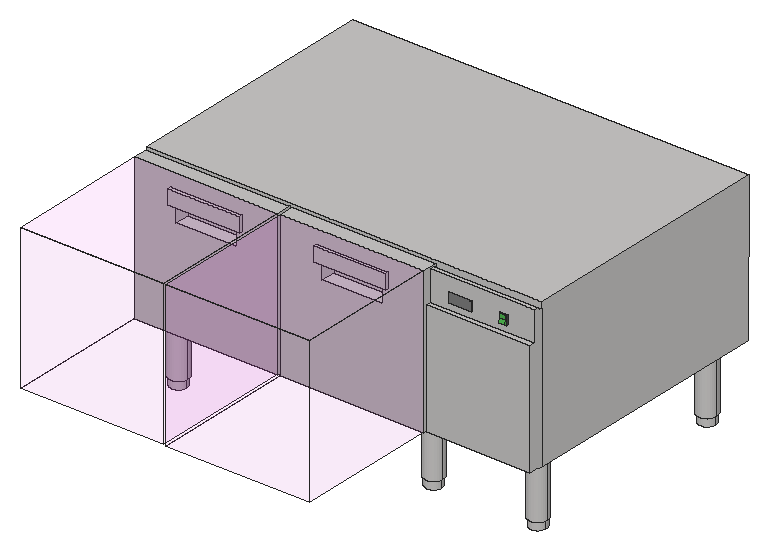
Revit family "QF_ELECTROLUXPROFESSIONAL_391603_E9TTAPCOMIN", category Specialty Equipment, Revit 2021 (continued)
Lines and regions (mm)
  Split face 156
    outline origin (721.397, -448, 504.794) x (0, 0, -1) y (1, 0, 0)
      loop
        arc (52.48, -282.599) -> (56.5, -278.61) -> (52.5, -274.599) r 4
        line (52.5, -274.599) -> (20.5, -274.599)
        arc (20.5, -274.599) -> (16.5, -278.61) -> (20.521, -282.599) r 4
        line (20.521, -282.599) -> (52.48, -282.599)
  Split face 157
    outline origin (733.396, -448, 504.794) x (0, 0, -1) y (1, 0, 0)
      loop
        arc (52.48, -282.599) -> (56.5, -278.61) -> (52.5, -274.599) r 4
        line (52.5, -274.599) -> (20.5, -274.599)
        arc (20.5, -274.599) -> (16.5, -278.61) -> (20.521, -282.599) r 4
        line (20.521, -282.599) -> (52.48, -282.599)
  Split face 158
    outline origin (709.396, -448, 459.794) x (0, 0, -1) y (1, 0, 0)
      loop
        arc (52.48, -282.599) -> (56.5, -278.61) -> (52.5, -274.599) r 4
        line (52.5, -274.599) -> (20.5, -274.599)
        arc (20.5, -274.599) -> (16.5, -278.61) -> (20.521, -282.599) r 4
        line (20.521, -282.599) -> (52.48, -282.599)
  Split face 159
    outline origin (721.397, -448, 459.794) x (0, 0, -1) y (1, 0, 0)
      loop
        arc (52.48, -282.599) -> (56.5, -278.61) -> (52.5, -274.599) r 4
        line (52.5, -274.599) -> (20.5, -274.599)
        arc (20.5, -274.599) -> (16.5, -278.61) -> (20.521, -282.599) r 4
        line (20.521, -282.599) -> (52.48, -282.599)
  Split face 160
    outline origin (733.396, -448, 459.794) x (0, 0, -1) y (1, 0, 0)
      loop
        arc (52.48, -282.599) -> (56.5, -278.61) -> (52.5, -274.599) r 4
        line (52.5, -274.599) -> (20.5, -274.599)
        arc (20.5, -274.599) -> (16.5, -278.61) -> (20.521, -282.599) r 4
        line (20.521, -282.599) -> (52.48, -282.599)
  Split face 161
    outline origin (709.396, -448, 414.794) x (0, 0, -1) y (1, 0, 0)
      loop
        arc (52.48, -282.599) -> (56.5, -278.61) -> (52.5, -274.599) r 4
        line (52.5, -274.599) -> (20.5, -274.599)
        arc (20.5, -274.599) -> (16.5, -278.61) -> (20.521, -282.599) r 4
        line (20.521, -282.599) -> (52.48, -282.599)
  Split face 162
    outline origin (721.397, -448, 414.794) x (0, 0, -1) y (1, 0, 0)
      loop
        arc (52.48, -282.599) -> (56.5, -278.61) -> (52.5, -274.599) r 4
        line (52.5, -274.599) -> (20.5, -274.599)
        arc (20.5, -274.599) -> (16.5, -278.61) -> (20.521, -282.599) r 4
        line (20.521, -282.599) -> (52.48, -282.599)
  Split face 163
    outline origin (733.396, -448, 414.794) x (0, 0, -1) y (1, 0, 0)
      loop
        arc (52.48, -282.599) -> (56.5, -278.61) -> (52.5, -274.599) r 4
        line (52.5, -274.599) -> (20.5, -274.599)
        arc (20.5, -274.599) -> (16.5, -278.61) -> (20.521, -282.599) r 4
        line (20.521, -282.599) -> (52.48, -282.599)
  Split face 164
    outline origin (709.396, -448, 369.794) x (0, 0, -1) y (1, 0, 0)
      loop
        arc (52.48, -282.599) -> (56.5, -278.61) -> (52.5, -274.599) r 4
        line (52.5, -274.599) -> (20.5, -274.599)
        arc (20.5, -274.599) -> (16.5, -278.61) -> (20.521, -282.599) r 4
        line (20.521, -282.599) -> (52.48, -282.599)
  Split face 165
    outline origin (721.397, -448, 369.794) x (0, 0, -1) y (1, 0, 0)
      loop
        arc (52.48, -282.599) -> (56.5, -278.61) -> (52.5, -274.599) r 4
        line (52.5, -274.599) -> (20.5, -274.599)
        arc (20.5, -274.599) -> (16.5, -278.61) -> (20.521, -282.599) r 4
        line (20.521, -282.599) -> (52.48, -282.599)
  Split face 166
    outline origin (733.396, -448, 369.794) x (0, 0, -1) y (1, 0, 0)
      loop
        arc (52.48, -282.599) -> (56.5, -278.61) -> (52.5, -274.599) r 4
        line (52.5, -274.599) -> (20.5, -274.599)
        arc (20.5, -274.599) -> (16.5, -278.61) -> (20.521, -282.599) r 4
        line (20.521, -282.599) -> (52.48, -282.599)
  Split face 167
    outline origin (709.396, -448, 324.794) x (0, 0, -1) y (1, 0, 0)
      loop
        arc (52.48, -282.599) -> (56.5, -278.61) -> (52.5, -274.599) r 4
        line (52.5, -274.599) -> (20.5, -274.599)
        arc (20.5, -274.599) -> (16.5, -278.61) -> (20.521, -282.599) r 4
        line (20.521, -282.599) -> (52.48, -282.599)
  Split face 168
    outline origin (721.397, -448, 324.794) x (0, 0, -1) y (1, 0, 0)
      loop
        arc (52.48, -282.599) -> (56.5, -278.61) -> (52.5, -274.599) r 4
        line (52.5, -274.599) -> (20.5, -274.599)
        arc (20.5, -274.599) -> (16.5, -278.61) -> (20.521, -282.599) r 4
        line (20.521, -282.599) -> (52.48, -282.599)
  Split face 169
    outline origin (733.396, -448, 324.794) x (0, 0, -1) y (1, 0, 0)
      loop
        arc (52.48, -282.599) -> (56.5, -278.61) -> (52.5, -274.599) r 4
        line (52.5, -274.599) -> (20.5, -274.599)
        arc (20.5, -274.599) -> (16.5, -278.61) -> (20.521, -282.599) r 4
        line (20.521, -282.599) -> (52.48, -282.599)
  Split face 170
    outline origin (709.396, -448, 279.794) x (0, 0, -1) y (1, 0, 0)
      loop
        arc (52.48, -282.599) -> (56.5, -278.61) -> (52.5, -274.599) r 4
        line (52.5, -274.599) -> (20.5, -274.599)
        arc (20.5, -274.599) -> (16.5, -278.61) -> (20.521, -282.599) r 4
        line (20.521, -282.599) -> (52.48, -282.599)
  Split face 171
    outline origin (721.397, -448, 279.794) x (0, 0, -1) y (1, 0, 0)
      loop
        arc (52.48, -282.599) -> (56.5, -278.61) -> (52.5, -274.599) r 4
        line (52.5, -274.599) -> (20.5, -274.599)
        arc (20.5, -274.599) -> (16.5, -278.61) -> (20.521, -282.599) r 4
        line (20.521, -282.599) -> (52.48, -282.599)
  Split face 172
    outline origin (733.396, -448, 279.794) x (0, 0, -1) y (1, 0, 0)
      loop
        arc (52.48, -282.599) -> (56.5, -278.61) -> (52.5, -274.599) r 4
        line (52.5, -274.599) -> (20.5, -274.599)
        arc (20.5, -274.599) -> (16.5, -278.61) -> (20.521, -282.599) r 4
        line (20.521, -282.599) -> (52.48, -282.599)
  symbolic lines, style "SpecialityEquipmentHiddenLines"
    curve 1: line (-599, 380, 0) -> (599, 380, 0)
    curve 2: line (-599, -448, 0) -> (-599, 380, 0)
    curve 3: line (599, -448, 0) -> (-599, -448, 0)
    curve 4: line (599, 380, 0) -> (599, -448, 0)
    curve 17: line (-599, -403, 0) -> (599, -403, 0)
  symbolic lines, style "QF_Door-Drawer Clearances"
    curve 5: line (-579, -448, 0) -> (-579, -573, 0)
    curve 6: line (-184.999, -573, 0) -> (-184.999, -448, 0)
    curve 7: line (-136.499, -448, 0) -> (-136.499, -573, 0)
    curve 8: line (257.502, -573, 0) -> (257.502, -448, 0)
    curve 9: line (-599, -573, 0) -> (-164.999, -573, 0)
    curve 10: line (-156.499, -573, 0) -> (277.502, -573, 0)
    curve 11: line (-599, -613, 0) -> (-164.999, -613, 0)
    curve 12: line (-156.499, -613, 0) -> (277.502, -613, 0)
    curve 13: line (-164.999, -613, 0) -> (-164.999, -573, 0)
    curve 14: line (-156.499, -573, 0) -> (-156.499, -613, 0)
    curve 15: line (-599, -573, 0) -> (-599, -613, 0)
    curve 16: line (277.502, -613, 0) -> (277.502, -573, 0)
Dimensions and locks
  plane 4 to level = 200 mm
  plane 5 "TOP" to level = 650 mm
  plane 5 "TOP" to plane 4 = 450 mm
  equal spacing: plane 8 "LEFT", plane 3 "Centro (Sinistra/Destra)", plane 9 "RIGHT"
  plane 8 "LEFT" to plane 9 "RIGHT" = 1200 mm
  equal spacing: plane 6 "BACK", plane 1 "Center X", plane 7 "FRONT"
  plane 6 "BACK" to plane 7 "FRONT" = 900 mm
  plane 6 "BACK" to plane 10 = 853 mm
  locked: plane 10 to plane 11 at 45
  locked: plane 8 "LEFT" to plane 12 at 55
  locked: plane 13 to plane 9 "RIGHT" at 55
  locked: plane 12 to plane 14 at 774
  locked: plane 22 to plane 15 at 88
  locked: plane 16 to plane 11 at 98
  locked: plane 19 to plane 9 "RIGHT" at 1
  locked: plane 8 "LEFT" to plane 18 at 1
  plane 19 to plane 17 = 313 mm
  locked: plane 6 "BACK" to plane 20 at 160
  plane 21 to plane 9 "RIGHT" = 40 mm
  locked: plane 6 "BACK" to plane 22 at 70
  locked: plane 11 to plane 7 "FRONT" at 2
  plane 15 to plane 22 = 88 mm
  plane 11 to plane 16 = 98 mm
  plane 12 to plane 8 "LEFT" = 55 mm
  plane 14 to plane 12 = 774 mm
  aligned and locked: level to plane 2
  aligned and locked: plane 12 to nested 1
  aligned and locked: nested 1 to plane 16
  aligned and locked: nested 2 to plane 15
  aligned and locked: plane 14 to nested 3
  aligned and locked: nested 4 to plane 14
  aligned and locked: plane 13 to nested 5
  aligned and locked: nested 6 to plane 13
  aligned and locked: plane 10 to Extrusion 1 sketch curve
  aligned and locked: Extrusion 2 to plane 11
  aligned and locked: Extrusion 10 to plane 11
  aligned and locked: plane 4 to Extrusion 12
  aligned and locked: plane 22 to Extrusion 1
  aligned and locked: plane 15 to nested 6
  aligned and locked: plane 15 to nested 4
  aligned and locked: plane 16 to nested 5
  aligned and locked: plane 16 to nested 3
Automatic sketch dimensions
  Extrusion 2 sketch curve to plane 18 = 0 mm
  plane 12 to Extrusion 2 sketch curve = 69.7 mm
  Extrusion 2 sketch curve to Extrusion 2 sketch curve = 186.601 mm
  Extrusion 2 sketch curve to plane 5 "TOP" = 9.006 mm
  Extrusion 2 sketch curve to Extrusion 2 sketch curve = 123.7 mm
  Extrusion 2 sketch curve to plane 5 "TOP" = 65 mm
  Extrusion 2 sketch curve to Extrusion 2 sketch curve = 78.294 mm
  plane 4 to Extrusion 2 sketch curve = 1.587 mm
  Extrusion 2 to Extrusion 3 sketch curve = 0 mm
  Extrusion 3 sketch curve to Extrusion 2 = 0 mm  (x3)
  Extrusion 4 sketch curve to plane 4 = 0 mm
  Extrusion 4 sketch curve to plane 10 = 0 mm
  Extrusion 4 sketch curve to plane 10 = 5.442 mm
  plane 4 to Extrusion 4 sketch curve = 4.796 mm
  Extrusion 4 sketch curve to Extrusion 4 sketch curve = 9.721 mm
  Extrusion 4 sketch curve to plane 10 = 16.763 mm
  Extrusion 4 sketch curve to Extrusion 4 sketch curve = 11.336 mm
  plane 11 to Extrusion 4 sketch curve = 0 mm
  Extrusion 4 sketch curve to plane 5 "TOP" = 100.204 mm
  Extrusion 4 sketch curve to plane 5 "TOP" = 20.473 mm
  Extrusion 4 sketch curve to plane 5 "TOP" = 9.006 mm
  Extrusion 4 to Extrusion 5 sketch curve = 42.198 mm
  Extrusion 5 sketch curve to Extrusion 4 = 20 mm
  Extrusion 4 to Extrusion 5 sketch curve = 102.899 mm
  Extrusion 5 sketch curve to Extrusion 5 sketch curve = 22 mm
  Extrusion 4 to Extrusion 6 sketch curve = 42.198 mm
  Extrusion 6 sketch curve to Extrusion 4 = 20 mm
  Extrusion 4 to Extrusion 6 sketch curve = 54.901 mm
  Extrusion 6 sketch curve to Extrusion 6 sketch curve = 70 mm
  Split face 1 sketch curve to Extrusion 6 = 5 mm
  Split face 1 sketch curve to Extrusion 6 = 9 mm
  Split face 1 sketch curve to Extrusion 6 = 10 mm  (x2)
  Split face 2 sketch curve to Extrusion 6 = 12.5 mm
  Split face 2 sketch curve to Extrusion 6 = 7 mm
  Split face 3 sketch curve to Extrusion 6 = 7.5 mm
  Split face 3 sketch curve to Extrusion 6 = 7 mm
  Split face 4 sketch curve to Extrusion 6 = 11.5 mm
  Split face 4 sketch curve to Extrusion 6 = 7 mm
  Split face 5 sketch curve to Extrusion 6 = 7.5 mm
  Split face 5 sketch curve to Extrusion 6 = 7 mm
  Split face 6 sketch curve to Extrusion 6 = 12.5 mm
  Split face 6 sketch curve to Extrusion 6 = 7 mm
  Split face 7 sketch curve to Extrusion 6 = 11.5 mm
  Split face 7 sketch curve to Extrusion 6 = 7 mm
  Split face 8 sketch curve to Extrusion 6 = 7.047 mm
  Split face 8 sketch curve to Extrusion 6 = 2.047 mm
  Split face 8 sketch curve to Extrusion 6 = 10 mm
  Split face 8 sketch curve to Split face 8 sketch curve = 11 mm
  Split face 9 sketch curve to Extrusion 6 = 7.047 mm
  Split face 9 sketch curve to Extrusion 6 = 2.047 mm
  Split face 9 sketch curve to Extrusion 6 = 23 mm
  Split face 9 sketch curve to Split face 9 sketch curve = 11 mm
  Split face 10 sketch curve to Extrusion 6 = 7.047 mm
  Split face 10 sketch curve to Extrusion 6 = 2.047 mm
  Split face 10 sketch curve to Extrusion 6 = 34 mm
  Split face 10 sketch curve to Split face 10 sketch curve = 11 mm
  Split face 11 sketch curve to Extrusion 6 = 7.047 mm
  Split face 11 sketch curve to Extrusion 6 = 2.047 mm
  Split face 11 sketch curve to Extrusion 6 = 21 mm
  Split face 11 sketch curve to Extrusion 6 = 10 mm
  Extrusion 7 sketch curve to Extrusion 7 sketch curve = 0 mm  (x3)
  Extrusion 7 sketch curve to Extrusion 5 = 0 mm
  Extrusion 5 to Extrusion 7 sketch curve = 2.279 mm
  Extrusion 7 sketch curve to Extrusion 7 sketch curve = 0.116 mm
  Extrusion 7 sketch curve to Extrusion 7 sketch curve = 12.105 mm
  Extrusion 5 to Extrusion 7 sketch curve = 3.692 mm
  Extrusion 5 to Extrusion 7 sketch curve = 2.395 mm
  Split face 12 sketch curve to Extrusion 4 = 20.5 mm
  Split face 12 sketch curve to Split face 12 sketch curve = 0.02 mm  (x2)
  Split face 12 sketch curve to Split face 12 sketch curve = 31.959 mm
  Split face 12 sketch curve to Extrusion 4 = 32.901 mm
  Split face 12 sketch curve to Split face 12 sketch curve = 4 mm
  Split face 13 sketch curve to Extrusion 4 = 20.5 mm
  Split face 13 sketch curve to Split face 13 sketch curve = 0.02 mm  (x2)
  Split face 13 sketch curve to Split face 13 sketch curve = 31.959 mm
  Split face 13 sketch curve to Extrusion 4 = 44.9 mm
  Split face 13 sketch curve to Split face 13 sketch curve = 4 mm
  Split face 14 sketch curve to Extrusion 4 = 20.5 mm
  Split face 14 sketch curve to Split face 14 sketch curve = 0.02 mm  (x2)
  Split face 14 sketch curve to Split face 14 sketch curve = 31.959 mm
  Split face 14 sketch curve to Extrusion 4 = 56.9 mm
  Split face 14 sketch curve to Split face 14 sketch curve = 4 mm
  Split face 15 sketch curve to Extrusion 4 = 20.5 mm
  Split face 15 sketch curve to Split face 15 sketch curve = 0.02 mm  (x2)
  Split face 15 sketch curve to Split face 15 sketch curve = 31.959 mm
  Split face 15 sketch curve to Extrusion 4 = 68.797 mm
  Split face 15 sketch curve to Split face 15 sketch curve = 4 mm
  Split face 16 sketch curve to Extrusion 4 = 20.5 mm
  Split face 16 sketch curve to Split face 16 sketch curve = 0.02 mm  (x2)
  Split face 16 sketch curve to Split face 16 sketch curve = 31.959 mm
  Split face 16 sketch curve to Extrusion 4 = 80.797 mm
  Split face 16 sketch curve to Split face 16 sketch curve = 4 mm
  Split face 17 sketch curve to Extrusion 4 = 20.5 mm
  Split face 17 sketch curve to Split face 17 sketch curve = 0.02 mm  (x2)
  Split face 17 sketch curve to Split face 17 sketch curve = 31.959 mm
  Split face 17 sketch curve to Extrusion 4 = 92.797 mm
  Split face 17 sketch curve to Split face 17 sketch curve = 4 mm
  Split face 18 sketch curve to Extrusion 4 = 20.5 mm
  Split face 18 sketch curve to Split face 18 sketch curve = 0.02 mm  (x2)
  Split face 18 sketch curve to Split face 18 sketch curve = 31.959 mm
  Split face 18 sketch curve to Extrusion 4 = 104.797 mm
  Split face 18 sketch curve to Split face 18 sketch curve = 4 mm
  Split face 19 sketch curve to Extrusion 4 = 20.5 mm
  Split face 19 sketch curve to Split face 19 sketch curve = 0.02 mm  (x2)
  Split face 19 sketch curve to Split face 19 sketch curve = 31.959 mm
  Split face 19 sketch curve to Extrusion 4 = 116.797 mm
  Split face 19 sketch curve to Split face 19 sketch curve = 4 mm
  Split face 20 sketch curve to Extrusion 4 = 20.5 mm
  Split face 20 sketch curve to Split face 20 sketch curve = 0.02 mm  (x2)
  Split face 20 sketch curve to Split face 20 sketch curve = 31.959 mm
  Split face 20 sketch curve to Extrusion 4 = 128.797 mm
  Split face 20 sketch curve to Split face 20 sketch curve = 4 mm
  Split face 21 sketch curve to Extrusion 4 = 20.5 mm
  Split face 21 sketch curve to Split face 21 sketch curve = 0.02 mm  (x2)
  Split face 21 sketch curve to Split face 21 sketch curve = 31.959 mm
  Split face 21 sketch curve to Extrusion 4 = 137.003 mm
  Split face 21 sketch curve to Split face 21 sketch curve = 4 mm
  Split face 22 sketch curve to Extrusion 4 = 20.5 mm
  Split face 22 sketch curve to Split face 22 sketch curve = 0.02 mm  (x2)
  Split face 22 sketch curve to Split face 22 sketch curve = 31.959 mm
  Split face 22 sketch curve to Extrusion 4 = 125.004 mm
  Split face 22 sketch curve to Split face 22 sketch curve = 4 mm
  Split face 23 sketch curve to Extrusion 4 = 20.5 mm
  Split face 23 sketch curve to Split face 23 sketch curve = 0.02 mm  (x2)
  Split face 23 sketch curve to Split face 23 sketch curve = 31.959 mm
  Split face 23 sketch curve to Extrusion 4 = 113.003 mm
  Split face 23 sketch curve to Split face 23 sketch curve = 4 mm
  Split face 24 sketch curve to Extrusion 4 = 20.5 mm
  Split face 24 sketch curve to Split face 24 sketch curve = 0.02 mm  (x2)
  Split face 24 sketch curve to Split face 24 sketch curve = 31.959 mm
  Split face 24 sketch curve to Extrusion 4 = 101.003 mm
  Split face 24 sketch curve to Split face 24 sketch curve = 4 mm
  Split face 25 sketch curve to Extrusion 4 = 20.5 mm
  Split face 25 sketch curve to Split face 25 sketch curve = 0.02 mm  (x2)
  Split face 25 sketch curve to Split face 25 sketch curve = 31.959 mm
  Split face 25 sketch curve to Extrusion 4 = 89.003 mm
  Split face 25 sketch curve to Split face 25 sketch curve = 4 mm
  Split face 26 sketch curve to Extrusion 4 = 20.5 mm
  Split face 26 sketch curve to Split face 26 sketch curve = 0.02 mm  (x2)
  Split face 26 sketch curve to Split face 26 sketch curve = 31.959 mm
  Split face 26 sketch curve to Extrusion 4 = 77.004 mm
  Split face 26 sketch curve to Split face 26 sketch curve = 4 mm
  Split face 27 sketch curve to Extrusion 4 = 20.5 mm
  Split face 27 sketch curve to Split face 27 sketch curve = 0.02 mm  (x2)
  Split face 27 sketch curve to Split face 27 sketch curve = 31.959 mm
  Split face 27 sketch curve to Extrusion 4 = 65.003 mm
  Split face 27 sketch curve to Split face 27 sketch curve = 4 mm
  Split face 28 sketch curve to Extrusion 4 = 20.5 mm
  Split face 28 sketch curve to Split face 28 sketch curve = 0.02 mm  (x2)
  Split face 28 sketch curve to Split face 28 sketch curve = 31.959 mm
  Split face 28 sketch curve to Extrusion 4 = 53.004 mm
  Split face 28 sketch curve to Split face 28 sketch curve = 4 mm
  Split face 29 sketch curve to Extrusion 4 = 20.5 mm
  Split face 29 sketch curve to Split face 29 sketch curve = 0.02 mm  (x2)
  Split face 29 sketch curve to Split face 29 sketch curve = 31.959 mm
  Split face 29 sketch curve to Extrusion 4 = 41.004 mm
  Split face 29 sketch curve to Split face 29 sketch curve = 4 mm
  Split face 30 sketch curve to Extrusion 4 = 20.5 mm
  Split face 30 sketch curve to Split face 30 sketch curve = 0.02 mm  (x2)
  Split face 30 sketch curve to Split face 30 sketch curve = 31.959 mm
  Split face 30 sketch curve to Extrusion 4 = 29.004 mm
  Split face 30 sketch curve to Split face 30 sketch curve = 4 mm
  Split face 31 sketch curve to Extrusion 4 = 20.5 mm
  Split face 31 sketch curve to Split face 31 sketch curve = 0.02 mm  (x2)
  Split face 31 sketch curve to Split face 31 sketch curve = 31.959 mm
  Split face 31 sketch curve to Extrusion 4 = 20.901 mm
  Split face 31 sketch curve to Split face 31 sketch curve = 4 mm
  Split face 32 sketch curve to Extrusion 4 = 65.502 mm
  Split face 32 sketch curve to Split face 32 sketch curve = 0.02 mm  (x2)
  Split face 32 sketch curve to Split face 32 sketch curve = 31.959 mm
  Split face 32 sketch curve to Extrusion 4 = 32.901 mm
  Split face 32 sketch curve to Split face 32 sketch curve = 4 mm
  Split face 33 sketch curve to Extrusion 4 = 65.502 mm
  Split face 33 sketch curve to Split face 33 sketch curve = 0.02 mm  (x2)
  Split face 33 sketch curve to Split face 33 sketch curve = 31.959 mm
  Split face 33 sketch curve to Extrusion 4 = 44.9 mm
  Split face 33 sketch curve to Split face 33 sketch curve = 4 mm
  Split face 34 sketch curve to Extrusion 4 = 65.502 mm
  Split face 34 sketch curve to Split face 34 sketch curve = 0.02 mm  (x2)
  Split face 34 sketch curve to Split face 34 sketch curve = 31.959 mm
  Split face 34 sketch curve to Extrusion 4 = 56.9 mm
  Split face 34 sketch curve to Split face 34 sketch curve = 4 mm
  Split face 35 sketch curve to Extrusion 4 = 65.502 mm
  Split face 35 sketch curve to Split face 35 sketch curve = 0.02 mm  (x2)
  Split face 35 sketch curve to Split face 35 sketch curve = 31.959 mm
  Split face 35 sketch curve to Extrusion 4 = 68.797 mm
  Split face 35 sketch curve to Split face 35 sketch curve = 4 mm
  Split face 36 sketch curve to Extrusion 4 = 65.502 mm
  Split face 36 sketch curve to Split face 36 sketch curve = 0.02 mm  (x2)
  Split face 36 sketch curve to Split face 36 sketch curve = 31.959 mm
  Split face 36 sketch curve to Extrusion 4 = 80.797 mm
  Split face 36 sketch curve to Split face 36 sketch curve = 4 mm
  Split face 37 sketch curve to Extrusion 4 = 65.502 mm
  Split face 37 sketch curve to Split face 37 sketch curve = 0.02 mm  (x2)
  Split face 37 sketch curve to Split face 37 sketch curve = 31.959 mm
  Split face 37 sketch curve to Extrusion 4 = 92.797 mm
  Split face 37 sketch curve to Split face 37 sketch curve = 4 mm
  Split face 38 sketch curve to Extrusion 4 = 65.502 mm
  Split face 38 sketch curve to Split face 38 sketch curve = 0.02 mm  (x2)
  Split face 38 sketch curve to Split face 38 sketch curve = 31.959 mm
  Split face 38 sketch curve to Extrusion 4 = 104.797 mm
  Split face 38 sketch curve to Split face 38 sketch curve = 4 mm
  Split face 39 sketch curve to Extrusion 4 = 65.502 mm
  Split face 39 sketch curve to Split face 39 sketch curve = 0.02 mm  (x2)
  Split face 39 sketch curve to Split face 39 sketch curve = 31.959 mm
  Split face 39 sketch curve to Extrusion 4 = 116.797 mm
  Split face 39 sketch curve to Split face 39 sketch curve = 4 mm
  Split face 40 sketch curve to Extrusion 4 = 65.502 mm
  Split face 40 sketch curve to Split face 40 sketch curve = 0.02 mm  (x2)
  Split face 40 sketch curve to Split face 40 sketch curve = 31.959 mm
  Split face 40 sketch curve to Extrusion 4 = 128.797 mm
  Split face 40 sketch curve to Split face 40 sketch curve = 4 mm
  Split face 41 sketch curve to Extrusion 4 = 65.502 mm
  Split face 41 sketch curve to Split face 41 sketch curve = 0.02 mm  (x2)
  Split face 41 sketch curve to Split face 41 sketch curve = 31.959 mm
  Split face 41 sketch curve to Extrusion 4 = 137.003 mm
  Split face 41 sketch curve to Split face 41 sketch curve = 4 mm
  Split face 42 sketch curve to Extrusion 4 = 65.502 mm
  Split face 42 sketch curve to Split face 42 sketch curve = 0.02 mm  (x2)
  Split face 42 sketch curve to Split face 42 sketch curve = 31.959 mm
  Split face 42 sketch curve to Extrusion 4 = 125.004 mm
  Split face 42 sketch curve to Split face 42 sketch curve = 4 mm
  Split face 43 sketch curve to Extrusion 4 = 65.502 mm
  Split face 43 sketch curve to Split face 43 sketch curve = 0.02 mm  (x2)
  Split face 43 sketch curve to Split face 43 sketch curve = 31.959 mm
  Split face 43 sketch curve to Extrusion 4 = 113.003 mm
  Split face 43 sketch curve to Split face 43 sketch curve = 4 mm
  Split face 44 sketch curve to Extrusion 4 = 65.502 mm
  Split face 44 sketch curve to Split face 44 sketch curve = 0.02 mm  (x2)
  Split face 44 sketch curve to Split face 44 sketch curve = 31.959 mm
  Split face 44 sketch curve to Extrusion 4 = 101.003 mm
  Split face 44 sketch curve to Split face 44 sketch curve = 4 mm
  Split face 45 sketch curve to Extrusion 4 = 65.502 mm
  Split face 45 sketch curve to Split face 45 sketch curve = 0.02 mm  (x2)
  Split face 45 sketch curve to Split face 45 sketch curve = 31.959 mm
  Split face 45 sketch curve to Extrusion 4 = 89.003 mm
  Split face 45 sketch curve to Split face 45 sketch curve = 4 mm
  Split face 46 sketch curve to Extrusion 4 = 65.502 mm
  Split face 46 sketch curve to Split face 46 sketch curve = 0.02 mm  (x2)
  Split face 46 sketch curve to Split face 46 sketch curve = 31.959 mm
  Split face 46 sketch curve to Extrusion 4 = 77.004 mm
  Split face 46 sketch curve to Split face 46 sketch curve = 4 mm
  Split face 47 sketch curve to Extrusion 4 = 65.502 mm
  Split face 47 sketch curve to Split face 47 sketch curve = 0.02 mm  (x2)
  Split face 47 sketch curve to Split face 47 sketch curve = 31.959 mm
  Split face 47 sketch curve to Extrusion 4 = 65.003 mm
  Split face 47 sketch curve to Split face 47 sketch curve = 4 mm
  Split face 48 sketch curve to Extrusion 4 = 65.502 mm
  Split face 48 sketch curve to Split face 48 sketch curve = 0.02 mm  (x2)
  Split face 48 sketch curve to Split face 48 sketch curve = 31.959 mm
  Split face 48 sketch curve to Extrusion 4 = 53.004 mm
  Split face 48 sketch curve to Split face 48 sketch curve = 4 mm
  Split face 49 sketch curve to Extrusion 4 = 65.502 mm
  Split face 49 sketch curve to Split face 49 sketch curve = 0.02 mm  (x2)
  Split face 49 sketch curve to Split face 49 sketch curve = 31.959 mm
  Split face 49 sketch curve to Extrusion 4 = 41.004 mm
  Split face 49 sketch curve to Split face 49 sketch curve = 4 mm
  Split face 50 sketch curve to Extrusion 4 = 25.004 mm
  Split face 50 sketch curve to Extrusion 4 = 65.502 mm
  Split face 50 sketch curve to Split face 50 sketch curve = 0.02 mm  (x2)
  Split face 50 sketch curve to Split face 50 sketch curve = 31.959 mm
  Split face 50 sketch curve to Split face 50 sketch curve = 4 mm
  Split face 51 sketch curve to Extrusion 4 = 24.901 mm
  Split face 51 sketch curve to Extrusion 4 = 65.502 mm
  Split face 51 sketch curve to Split face 51 sketch curve = 0.02 mm  (x2)
  Split face 51 sketch curve to Split face 51 sketch curve = 31.959 mm
  Split face 51 sketch curve to Split face 51 sketch curve = 4 mm
  Split face 52 sketch curve to Extrusion 4 = 36.901 mm
  Split face 52 sketch curve to Extrusion 4 = 110.502 mm
  Split face 52 sketch curve to Split face 52 sketch curve = 0.02 mm  (x2)
  Split face 52 sketch curve to Split face 52 sketch curve = 31.959 mm
  Split face 52 sketch curve to Split face 52 sketch curve = 4 mm
  Split face 53 sketch curve to Extrusion 4 = 48.9 mm
  Split face 53 sketch curve to Extrusion 4 = 110.502 mm
  Split face 53 sketch curve to Split face 53 sketch curve = 0.02 mm  (x2)
  Split face 53 sketch curve to Split face 53 sketch curve = 31.959 mm
  Split face 53 sketch curve to Split face 53 sketch curve = 4 mm
  Split face 54 sketch curve to Extrusion 4 = 110.502 mm
  Split face 54 sketch curve to Split face 54 sketch curve = 0.02 mm  (x2)
  Split face 54 sketch curve to Split face 54 sketch curve = 31.959 mm
  Split face 54 sketch curve to Extrusion 4 = 56.9 mm
  Split face 54 sketch curve to Split face 54 sketch curve = 4 mm
  Split face 55 sketch curve to Extrusion 4 = 110.502 mm
  Split face 55 sketch curve to Split face 55 sketch curve = 0.02 mm  (x2)
  Split face 55 sketch curve to Split face 55 sketch curve = 31.959 mm
  Split face 55 sketch curve to Extrusion 4 = 68.797 mm
  Split face 55 sketch curve to Split face 55 sketch curve = 4 mm
  Split face 56 sketch curve to Extrusion 4 = 110.502 mm
  Split face 56 sketch curve to Split face 56 sketch curve = 0.02 mm  (x2)
  Split face 56 sketch curve to Split face 56 sketch curve = 31.959 mm
  Split face 56 sketch curve to Extrusion 4 = 80.797 mm
  Split face 56 sketch curve to Split face 56 sketch curve = 4 mm
  Split face 57 sketch curve to Extrusion 4 = 110.502 mm
  Split face 57 sketch curve to Split face 57 sketch curve = 0.02 mm  (x2)
  Split face 57 sketch curve to Split face 57 sketch curve = 31.959 mm
  Split face 57 sketch curve to Extrusion 4 = 92.797 mm
  Split face 57 sketch curve to Split face 57 sketch curve = 4 mm
  Split face 58 sketch curve to Extrusion 4 = 110.502 mm
  Split face 58 sketch curve to Split face 58 sketch curve = 0.02 mm  (x2)
  Split face 58 sketch curve to Split face 58 sketch curve = 31.959 mm
  Split face 58 sketch curve to Extrusion 4 = 104.797 mm
  Split face 58 sketch curve to Split face 58 sketch curve = 4 mm
  Split face 59 sketch curve to Extrusion 4 = 110.502 mm
  Split face 59 sketch curve to Split face 59 sketch curve = 0.02 mm  (x2)
  Split face 59 sketch curve to Split face 59 sketch curve = 31.959 mm
  Split face 59 sketch curve to Extrusion 4 = 116.797 mm
  Split face 59 sketch curve to Split face 59 sketch curve = 4 mm
  Split face 60 sketch curve to Extrusion 4 = 110.502 mm
  Split face 60 sketch curve to Split face 60 sketch curve = 0.02 mm  (x2)
  Split face 60 sketch curve to Split face 60 sketch curve = 31.959 mm
  Split face 60 sketch curve to Extrusion 4 = 128.797 mm
  Split face 60 sketch curve to Split face 60 sketch curve = 4 mm
  Split face 61 sketch curve to Extrusion 4 = 110.502 mm
  Split face 61 sketch curve to Split face 61 sketch curve = 0.02 mm  (x2)
  Split face 61 sketch curve to Split face 61 sketch curve = 31.959 mm
  Split face 61 sketch curve to Extrusion 4 = 137.003 mm
  Split face 61 sketch curve to Split face 61 sketch curve = 4 mm
  Split face 62 sketch curve to Extrusion 4 = 110.502 mm
  Split face 62 sketch curve to Split face 62 sketch curve = 0.02 mm  (x2)
  Split face 62 sketch curve to Split face 62 sketch curve = 31.959 mm
  Split face 62 sketch curve to Extrusion 4 = 125.004 mm
  Split face 62 sketch curve to Split face 62 sketch curve = 4 mm
  Split face 63 sketch curve to Extrusion 4 = 110.502 mm
  Split face 63 sketch curve to Split face 63 sketch curve = 0.02 mm  (x2)
  Split face 63 sketch curve to Split face 63 sketch curve = 31.959 mm
  Split face 63 sketch curve to Extrusion 4 = 113.003 mm
  Split face 63 sketch curve to Split face 63 sketch curve = 4 mm
  Split face 64 sketch curve to Extrusion 4 = 110.502 mm
  Split face 64 sketch curve to Split face 64 sketch curve = 0.02 mm  (x2)
  Split face 64 sketch curve to Split face 64 sketch curve = 31.959 mm
  Split face 64 sketch curve to Extrusion 4 = 101.003 mm
  Split face 64 sketch curve to Split face 64 sketch curve = 4 mm
  Split face 65 sketch curve to Extrusion 4 = 110.502 mm
  Split face 65 sketch curve to Split face 65 sketch curve = 0.02 mm  (x2)
  Split face 65 sketch curve to Split face 65 sketch curve = 31.959 mm
  Split face 65 sketch curve to Extrusion 4 = 89.003 mm
  Split face 65 sketch curve to Split face 65 sketch curve = 4 mm
  Split face 66 sketch curve to Extrusion 4 = 110.502 mm
  Split face 66 sketch curve to Split face 66 sketch curve = 0.02 mm  (x2)
  Split face 66 sketch curve to Split face 66 sketch curve = 31.959 mm
  Split face 66 sketch curve to Extrusion 4 = 77.004 mm
  Split face 66 sketch curve to Split face 66 sketch curve = 4 mm
  Split face 67 sketch curve to Extrusion 4 = 110.502 mm
  Split face 67 sketch curve to Split face 67 sketch curve = 0.02 mm  (x2)
  Split face 67 sketch curve to Split face 67 sketch curve = 31.959 mm
  Split face 67 sketch curve to Extrusion 4 = 65.003 mm
  Split face 67 sketch curve to Split face 67 sketch curve = 4 mm
  Split face 68 sketch curve to Extrusion 4 = 49.004 mm
  Split face 68 sketch curve to Extrusion 4 = 110.502 mm
  Split face 68 sketch curve to Split face 68 sketch curve = 0.02 mm  (x2)
  Split face 68 sketch curve to Split face 68 sketch curve = 31.959 mm
  Split face 68 sketch curve to Split face 68 sketch curve = 4 mm
  Split face 69 sketch curve to Extrusion 4 = 37.004 mm
  Split face 69 sketch curve to Extrusion 4 = 110.502 mm
  Split face 69 sketch curve to Split face 69 sketch curve = 0.02 mm  (x2)
  Split face 69 sketch curve to Split face 69 sketch curve = 31.959 mm
  Split face 69 sketch curve to Split face 69 sketch curve = 4 mm
  Split face 70 sketch curve to Extrusion 4 = 25.004 mm
  Split face 70 sketch curve to Extrusion 4 = 110.502 mm
  Split face 70 sketch curve to Split face 70 sketch curve = 0.02 mm  (x2)
  Split face 70 sketch curve to Split face 70 sketch curve = 31.959 mm
  Split face 70 sketch curve to Split face 70 sketch curve = 4 mm
  Split face 71 sketch curve to Extrusion 4 = 24.901 mm
  Split face 71 sketch curve to Extrusion 4 = 110.502 mm
  Split face 71 sketch curve to Split face 71 sketch curve = 0.02 mm  (x2)
  Split face 71 sketch curve to Split face 71 sketch curve = 31.959 mm
  Split face 71 sketch curve to Split face 71 sketch curve = 4 mm
  Split face 72 sketch curve to Extrusion 4 = 36.901 mm
  Split face 72 sketch curve to Extrusion 4 = 155.502 mm
  Split face 72 sketch curve to Split face 72 sketch curve = 0.02 mm  (x2)
  Split face 72 sketch curve to Split face 72 sketch curve = 31.959 mm
  Split face 72 sketch curve to Split face 72 sketch curve = 4 mm
  Split face 73 sketch curve to Extrusion 4 = 48.9 mm
  Split face 73 sketch curve to Extrusion 4 = 155.502 mm
  Split face 73 sketch curve to Split face 73 sketch curve = 0.02 mm  (x2)
  Split face 73 sketch curve to Split face 73 sketch curve = 31.959 mm
  Split face 73 sketch curve to Split face 73 sketch curve = 4 mm
  Split face 74 sketch curve to Extrusion 4 = 60.9 mm
  Split face 74 sketch curve to Extrusion 4 = 155.502 mm
  Split face 74 sketch curve to Split face 74 sketch curve = 0.02 mm  (x2)
  Split face 74 sketch curve to Split face 74 sketch curve = 31.959 mm
  Split face 74 sketch curve to Split face 74 sketch curve = 4 mm
  Split face 75 sketch curve to Extrusion 4 = 72.797 mm
  Split face 75 sketch curve to Extrusion 4 = 155.502 mm
  Split face 75 sketch curve to Split face 75 sketch curve = 0.02 mm  (x2)
  Split face 75 sketch curve to Split face 75 sketch curve = 31.959 mm
  Split face 75 sketch curve to Split face 75 sketch curve = 4 mm
  Split face 76 sketch curve to Extrusion 4 = 155.502 mm
  Split face 76 sketch curve to Split face 76 sketch curve = 0.02 mm  (x2)
  Split face 76 sketch curve to Split face 76 sketch curve = 31.959 mm
  Split face 76 sketch curve to Extrusion 4 = 80.797 mm
  Split face 76 sketch curve to Split face 76 sketch curve = 4 mm
  Split face 77 sketch curve to Extrusion 4 = 155.502 mm
  Split face 77 sketch curve to Split face 77 sketch curve = 0.02 mm  (x2)
  Split face 77 sketch curve to Split face 77 sketch curve = 31.959 mm
  Split face 77 sketch curve to Extrusion 4 = 92.797 mm
  Split face 77 sketch curve to Split face 77 sketch curve = 4 mm
  Split face 78 sketch curve to Extrusion 4 = 155.502 mm
  Split face 78 sketch curve to Split face 78 sketch curve = 0.02 mm  (x2)
  Split face 78 sketch curve to Split face 78 sketch curve = 31.959 mm
  Split face 78 sketch curve to Extrusion 4 = 104.797 mm
  Split face 78 sketch curve to Split face 78 sketch curve = 4 mm
  Split face 79 sketch curve to Extrusion 4 = 155.502 mm
  Split face 79 sketch curve to Split face 79 sketch curve = 0.02 mm  (x2)
  Split face 79 sketch curve to Split face 79 sketch curve = 31.959 mm
  Split face 79 sketch curve to Extrusion 4 = 116.797 mm
  Split face 79 sketch curve to Split face 79 sketch curve = 4 mm
  Split face 80 sketch curve to Extrusion 4 = 155.502 mm
  Split face 80 sketch curve to Split face 80 sketch curve = 0.02 mm  (x2)
  Split face 80 sketch curve to Split face 80 sketch curve = 31.959 mm
  Split face 80 sketch curve to Extrusion 4 = 128.797 mm
  Split face 80 sketch curve to Split face 80 sketch curve = 4 mm
  Split face 81 sketch curve to Extrusion 4 = 155.502 mm
  Split face 81 sketch curve to Split face 81 sketch curve = 0.02 mm  (x2)
  Split face 81 sketch curve to Split face 81 sketch curve = 31.959 mm
  Split face 81 sketch curve to Extrusion 4 = 137.003 mm
  Split face 81 sketch curve to Split face 81 sketch curve = 4 mm
  Split face 82 sketch curve to Extrusion 4 = 155.502 mm
  Split face 82 sketch curve to Split face 82 sketch curve = 0.02 mm  (x2)
  Split face 82 sketch curve to Split face 82 sketch curve = 31.959 mm
  Split face 82 sketch curve to Extrusion 4 = 125.004 mm
  Split face 82 sketch curve to Split face 82 sketch curve = 4 mm
  Split face 83 sketch curve to Extrusion 4 = 155.502 mm
  Split face 83 sketch curve to Split face 83 sketch curve = 0.02 mm  (x2)
  Split face 83 sketch curve to Split face 83 sketch curve = 31.959 mm
  Split face 83 sketch curve to Extrusion 4 = 113.003 mm
  Split face 83 sketch curve to Split face 83 sketch curve = 4 mm
  Split face 84 sketch curve to Extrusion 4 = 155.502 mm
  Split face 84 sketch curve to Split face 84 sketch curve = 0.02 mm  (x2)
  Split face 84 sketch curve to Split face 84 sketch curve = 31.959 mm
  Split face 84 sketch curve to Extrusion 4 = 101.003 mm
  Split face 84 sketch curve to Split face 84 sketch curve = 4 mm
  Split face 85 sketch curve to Extrusion 4 = 155.502 mm
  Split face 85 sketch curve to Split face 85 sketch curve = 0.02 mm  (x2)
  Split face 85 sketch curve to Split face 85 sketch curve = 31.959 mm
  Split face 85 sketch curve to Extrusion 4 = 89.003 mm
  Split face 85 sketch curve to Split face 85 sketch curve = 4 mm
  Split face 86 sketch curve to Extrusion 4 = 73.004 mm
  Split face 86 sketch curve to Extrusion 4 = 155.502 mm
  Split face 86 sketch curve to Split face 86 sketch curve = 0.02 mm  (x2)
  Split face 86 sketch curve to Split face 86 sketch curve = 31.959 mm
  Split face 86 sketch curve to Split face 86 sketch curve = 4 mm
  Split face 87 sketch curve to Extrusion 4 = 61.003 mm
  Split face 87 sketch curve to Extrusion 4 = 155.502 mm
  Split face 87 sketch curve to Split face 87 sketch curve = 0.02 mm  (x2)
  Split face 87 sketch curve to Split face 87 sketch curve = 31.959 mm
  Split face 87 sketch curve to Split face 87 sketch curve = 4 mm
  Split face 88 sketch curve to Extrusion 4 = 49.004 mm
  Split face 88 sketch curve to Extrusion 4 = 155.502 mm
  Split face 88 sketch curve to Split face 88 sketch curve = 0.02 mm  (x2)
  Split face 88 sketch curve to Split face 88 sketch curve = 31.959 mm
  Split face 88 sketch curve to Split face 88 sketch curve = 4 mm
  Split face 89 sketch curve to Extrusion 4 = 37.004 mm
  Split face 89 sketch curve to Extrusion 4 = 155.502 mm
  Split face 89 sketch curve to Split face 89 sketch curve = 0.02 mm  (x2)
  Split face 89 sketch curve to Split face 89 sketch curve = 31.959 mm
  Split face 89 sketch curve to Split face 89 sketch curve = 4 mm
  Split face 90 sketch curve to Extrusion 4 = 25.004 mm
  Split face 90 sketch curve to Extrusion 4 = 155.502 mm
  Split face 90 sketch curve to Split face 90 sketch curve = 0.02 mm  (x2)
  Split face 90 sketch curve to Split face 90 sketch curve = 31.959 mm
  Split face 90 sketch curve to Split face 90 sketch curve = 4 mm
  Split face 91 sketch curve to Extrusion 4 = 24.901 mm
  Split face 91 sketch curve to Extrusion 4 = 155.502 mm
  Split face 91 sketch curve to Split face 91 sketch curve = 0.02 mm  (x2)
  Split face 91 sketch curve to Split face 91 sketch curve = 31.959 mm
  Split face 91 sketch curve to Split face 91 sketch curve = 4 mm
  Split face 92 sketch curve to Extrusion 4 = 36.901 mm
  Split face 92 sketch curve to Extrusion 4 = 144.498 mm
  Split face 92 sketch curve to Split face 92 sketch curve = 0.02 mm  (x2)
  Split face 92 sketch curve to Split face 92 sketch curve = 31.959 mm
  Split face 92 sketch curve to Split face 92 sketch curve = 4 mm
  Split face 93 sketch curve to Extrusion 4 = 48.9 mm
  Split face 93 sketch curve to Extrusion 4 = 144.498 mm
  Split face 93 sketch curve to Split face 93 sketch curve = 0.02 mm  (x2)
  Split face 93 sketch curve to Split face 93 sketch curve = 31.959 mm
  Split face 93 sketch curve to Split face 93 sketch curve = 4 mm
  Split face 94 sketch curve to Extrusion 4 = 60.9 mm
  Split face 94 sketch curve to Extrusion 4 = 144.498 mm
  Split face 94 sketch curve to Split face 94 sketch curve = 0.02 mm  (x2)
  Split face 94 sketch curve to Split face 94 sketch curve = 31.959 mm
  Split face 94 sketch curve to Split face 94 sketch curve = 4 mm
  Split face 95 sketch curve to Extrusion 4 = 144.498 mm
  Split face 95 sketch curve to Split face 95 sketch curve = 0.02 mm  (x2)
  Split face 95 sketch curve to Split face 95 sketch curve = 31.959 mm
  Split face 95 sketch curve to Extrusion 4 = 68.797 mm
  Split face 95 sketch curve to Split face 95 sketch curve = 4 mm
  Split face 96 sketch curve to Extrusion 4 = 144.498 mm
  Split face 96 sketch curve to Split face 96 sketch curve = 0.02 mm  (x2)
  Split face 96 sketch curve to Split face 96 sketch curve = 31.959 mm
  Split face 96 sketch curve to Extrusion 4 = 80.797 mm
  Split face 96 sketch curve to Split face 96 sketch curve = 4 mm
  Split face 97 sketch curve to Extrusion 4 = 144.498 mm
  Split face 97 sketch curve to Split face 97 sketch curve = 0.02 mm  (x2)
  Split face 97 sketch curve to Split face 97 sketch curve = 31.959 mm
  Split face 97 sketch curve to Extrusion 4 = 92.797 mm
  Split face 97 sketch curve to Split face 97 sketch curve = 4 mm
  Split face 98 sketch curve to Extrusion 4 = 144.498 mm
  Split face 98 sketch curve to Split face 98 sketch curve = 0.02 mm  (x2)
  Split face 98 sketch curve to Split face 98 sketch curve = 31.959 mm
  Split face 98 sketch curve to Extrusion 4 = 104.797 mm
  Split face 98 sketch curve to Split face 98 sketch curve = 4 mm
  Split face 99 sketch curve to Extrusion 4 = 144.498 mm
  Split face 99 sketch curve to Split face 99 sketch curve = 0.02 mm  (x2)
  Split face 99 sketch curve to Split face 99 sketch curve = 31.959 mm
  Split face 99 sketch curve to Extrusion 4 = 116.797 mm
  Split face 99 sketch curve to Split face 99 sketch curve = 4 mm
  Split face 100 sketch curve to Extrusion 4 = 144.498 mm
  Split face 100 sketch curve to Split face 100 sketch curve = 0.02 mm  (x2)
  Split face 100 sketch curve to Split face 100 sketch curve = 31.959 mm
  Split face 100 sketch curve to Extrusion 4 = 128.797 mm
  Split face 100 sketch curve to Split face 100 sketch curve = 4 mm
  Split face 101 sketch curve to Extrusion 4 = 144.498 mm
  Split face 101 sketch curve to Split face 101 sketch curve = 0.02 mm  (x2)
  Split face 101 sketch curve to Split face 101 sketch curve = 31.959 mm
  Split face 101 sketch curve to Extrusion 4 = 137.003 mm
  Split face 101 sketch curve to Split face 101 sketch curve = 4 mm
  Split face 102 sketch curve to Extrusion 4 = 144.498 mm
  Split face 102 sketch curve to Split face 102 sketch curve = 0.02 mm  (x2)
  Split face 102 sketch curve to Split face 102 sketch curve = 31.959 mm
  Split face 102 sketch curve to Extrusion 4 = 125.004 mm
  Split face 102 sketch curve to Split face 102 sketch curve = 4 mm
  Split face 103 sketch curve to Extrusion 4 = 144.498 mm
  Split face 103 sketch curve to Split face 103 sketch curve = 0.02 mm  (x2)
  Split face 103 sketch curve to Split face 103 sketch curve = 31.959 mm
  Split face 103 sketch curve to Extrusion 4 = 113.003 mm
  Split face 103 sketch curve to Split face 103 sketch curve = 4 mm
  Split face 104 sketch curve to Extrusion 4 = 144.498 mm
  Split face 104 sketch curve to Split face 104 sketch curve = 0.02 mm  (x2)
  Split face 104 sketch curve to Split face 104 sketch curve = 31.959 mm
  Split face 104 sketch curve to Extrusion 4 = 101.003 mm
  Split face 104 sketch curve to Split face 104 sketch curve = 4 mm
  Split face 105 sketch curve to Extrusion 4 = 144.498 mm
  Split face 105 sketch curve to Split face 105 sketch curve = 0.02 mm  (x2)
  Split face 105 sketch curve to Split face 105 sketch curve = 31.959 mm
  Split face 105 sketch curve to Extrusion 4 = 89.003 mm
  Split face 105 sketch curve to Split face 105 sketch curve = 4 mm
  Split face 106 sketch curve to Extrusion 4 = 144.498 mm
  Split face 106 sketch curve to Split face 106 sketch curve = 0.02 mm  (x2)
  Split face 106 sketch curve to Split face 106 sketch curve = 31.959 mm
  Split face 106 sketch curve to Extrusion 4 = 77.004 mm
  Split face 106 sketch curve to Split face 106 sketch curve = 4 mm
  Split face 107 sketch curve to Extrusion 4 = 61.003 mm
  Split face 107 sketch curve to Extrusion 4 = 144.498 mm
  Split face 107 sketch curve to Split face 107 sketch curve = 0.02 mm  (x2)
  Split face 107 sketch curve to Split face 107 sketch curve = 31.959 mm
  Split face 107 sketch curve to Split face 107 sketch curve = 4 mm
  Split face 108 sketch curve to Extrusion 4 = 49.004 mm
  Split face 108 sketch curve to Extrusion 4 = 144.498 mm
  Split face 108 sketch curve to Split face 108 sketch curve = 0.02 mm  (x2)
  Split face 108 sketch curve to Split face 108 sketch curve = 31.959 mm
  Split face 108 sketch curve to Split face 108 sketch curve = 4 mm
  Split face 109 sketch curve to Extrusion 4 = 37.004 mm
  Split face 109 sketch curve to Extrusion 4 = 144.498 mm
  Split face 109 sketch curve to Split face 109 sketch curve = 0.02 mm  (x2)
  Split face 109 sketch curve to Split face 109 sketch curve = 31.959 mm
  Split face 109 sketch curve to Split face 109 sketch curve = 4 mm
  Split face 110 sketch curve to Extrusion 4 = 25.004 mm
  Split face 110 sketch curve to Extrusion 4 = 144.498 mm
  Split face 110 sketch curve to Split face 110 sketch curve = 0.02 mm  (x2)
  Split face 110 sketch curve to Split face 110 sketch curve = 31.959 mm
  Split face 110 sketch curve to Split face 110 sketch curve = 4 mm
  Split face 111 sketch curve to Extrusion 4 = 24.901 mm
  Split face 111 sketch curve to Extrusion 4 = 144.498 mm
  Split face 111 sketch curve to Split face 111 sketch curve = 0.02 mm  (x2)
  Split face 111 sketch curve to Split face 111 sketch curve = 31.959 mm
  Split face 111 sketch curve to Split face 111 sketch curve = 4 mm
  Split face 112 sketch curve to Extrusion 4 = 36.901 mm
  Split face 112 sketch curve to Extrusion 4 = 99.499 mm
  Split face 112 sketch curve to Split face 112 sketch curve = 0.02 mm  (x2)
  Split face 112 sketch curve to Split face 112 sketch curve = 31.959 mm
  Split face 112 sketch curve to Split face 112 sketch curve = 4 mm
  Split face 113 sketch curve to Extrusion 4 = 48.9 mm
  Split face 113 sketch curve to Extrusion 4 = 99.499 mm
  Split face 113 sketch curve to Split face 113 sketch curve = 0.02 mm  (x2)
  Split face 113 sketch curve to Split face 113 sketch curve = 31.959 mm
  Split face 113 sketch curve to Split face 113 sketch curve = 4 mm
  Split face 114 sketch curve to Extrusion 4 = 99.499 mm
  Split face 114 sketch curve to Split face 114 sketch curve = 0.02 mm  (x2)
  Split face 114 sketch curve to Split face 114 sketch curve = 31.959 mm
  Split face 114 sketch curve to Extrusion 4 = 56.9 mm
  Split face 114 sketch curve to Split face 114 sketch curve = 4 mm
  Split face 115 sketch curve to Extrusion 4 = 99.499 mm
  Split face 115 sketch curve to Split face 115 sketch curve = 0.02 mm  (x2)
  Split face 115 sketch curve to Split face 115 sketch curve = 31.959 mm
  Split face 115 sketch curve to Extrusion 4 = 68.797 mm
  Split face 115 sketch curve to Split face 115 sketch curve = 4 mm
  Split face 116 sketch curve to Extrusion 4 = 99.499 mm
  Split face 116 sketch curve to Split face 116 sketch curve = 0.02 mm  (x2)
  Split face 116 sketch curve to Split face 116 sketch curve = 31.959 mm
  Split face 116 sketch curve to Extrusion 4 = 80.797 mm
  Split face 116 sketch curve to Split face 116 sketch curve = 4 mm
  Split face 117 sketch curve to Extrusion 4 = 99.499 mm
  Split face 117 sketch curve to Split face 117 sketch curve = 0.02 mm  (x2)
  Split face 117 sketch curve to Split face 117 sketch curve = 31.959 mm
  Split face 117 sketch curve to Extrusion 4 = 92.797 mm
  Split face 117 sketch curve to Split face 117 sketch curve = 4 mm
  Split face 118 sketch curve to Extrusion 4 = 99.499 mm
  Split face 118 sketch curve to Split face 118 sketch curve = 0.02 mm  (x2)
  Split face 118 sketch curve to Split face 118 sketch curve = 31.959 mm
  Split face 118 sketch curve to Extrusion 4 = 104.797 mm
  Split face 118 sketch curve to Split face 118 sketch curve = 4 mm
  Split face 119 sketch curve to Extrusion 4 = 99.499 mm
  Split face 119 sketch curve to Split face 119 sketch curve = 0.02 mm  (x2)
  Split face 119 sketch curve to Split face 119 sketch curve = 31.959 mm
  Split face 119 sketch curve to Extrusion 4 = 116.797 mm
  Split face 119 sketch curve to Split face 119 sketch curve = 4 mm
  Split face 120 sketch curve to Extrusion 4 = 99.499 mm
  Split face 120 sketch curve to Split face 120 sketch curve = 0.02 mm  (x2)
  Split face 120 sketch curve to Split face 120 sketch curve = 31.959 mm
  Split face 120 sketch curve to Extrusion 4 = 128.797 mm
  Split face 120 sketch curve to Split face 120 sketch curve = 4 mm
  Split face 121 sketch curve to Extrusion 4 = 99.499 mm
  Split face 121 sketch curve to Split face 121 sketch curve = 0.02 mm  (x2)
  Split face 121 sketch curve to Split face 121 sketch curve = 31.959 mm
  Split face 121 sketch curve to Extrusion 4 = 137.003 mm
  Split face 121 sketch curve to Split face 121 sketch curve = 4 mm
  Split face 122 sketch curve to Extrusion 4 = 99.499 mm
  Split face 122 sketch curve to Split face 122 sketch curve = 0.02 mm  (x2)
  Split face 122 sketch curve to Split face 122 sketch curve = 31.959 mm
  Split face 122 sketch curve to Extrusion 4 = 125.004 mm
  Split face 122 sketch curve to Split face 122 sketch curve = 4 mm
  Split face 123 sketch curve to Extrusion 4 = 99.499 mm
  Split face 123 sketch curve to Split face 123 sketch curve = 0.02 mm  (x2)
  Split face 123 sketch curve to Split face 123 sketch curve = 31.959 mm
  Split face 123 sketch curve to Extrusion 4 = 113.003 mm
  Split face 123 sketch curve to Split face 123 sketch curve = 4 mm
  Split face 124 sketch curve to Extrusion 4 = 99.499 mm
  Split face 124 sketch curve to Split face 124 sketch curve = 0.02 mm  (x2)
  Split face 124 sketch curve to Split face 124 sketch curve = 31.959 mm
  Split face 124 sketch curve to Extrusion 4 = 101.003 mm
  Split face 124 sketch curve to Split face 124 sketch curve = 4 mm
  Split face 125 sketch curve to Extrusion 4 = 99.499 mm
  Split face 125 sketch curve to Split face 125 sketch curve = 0.02 mm  (x2)
  Split face 125 sketch curve to Split face 125 sketch curve = 31.959 mm
  Split face 125 sketch curve to Extrusion 4 = 89.003 mm
  Split face 125 sketch curve to Split face 125 sketch curve = 4 mm
  Split face 126 sketch curve to Extrusion 4 = 99.499 mm
  Split face 126 sketch curve to Split face 126 sketch curve = 0.02 mm  (x2)
  Split face 126 sketch curve to Split face 126 sketch curve = 31.959 mm
  Split face 126 sketch curve to Extrusion 4 = 77.004 mm
  Split face 126 sketch curve to Split face 126 sketch curve = 4 mm
  Split face 127 sketch curve to Extrusion 4 = 99.499 mm
  Split face 127 sketch curve to Split face 127 sketch curve = 0.02 mm  (x2)
  Split face 127 sketch curve to Split face 127 sketch curve = 31.959 mm
  Split face 127 sketch curve to Extrusion 4 = 65.003 mm
  Split face 127 sketch curve to Split face 127 sketch curve = 4 mm
  Split face 128 sketch curve to Extrusion 4 = 49.004 mm
  Split face 128 sketch curve to Extrusion 4 = 99.499 mm
  Split face 128 sketch curve to Split face 128 sketch curve = 0.02 mm  (x2)
  Split face 128 sketch curve to Split face 128 sketch curve = 31.959 mm
  Split face 128 sketch curve to Split face 128 sketch curve = 4 mm
  Split face 129 sketch curve to Extrusion 4 = 37.004 mm
  Split face 129 sketch curve to Extrusion 4 = 99.499 mm
  Split face 129 sketch curve to Split face 129 sketch curve = 0.02 mm  (x2)
  Split face 129 sketch curve to Split face 129 sketch curve = 31.959 mm
  Split face 129 sketch curve to Split face 129 sketch curve = 4 mm
  Split face 130 sketch curve to Extrusion 4 = 25.004 mm
  Split face 130 sketch curve to Extrusion 4 = 99.499 mm
  Split face 130 sketch curve to Split face 130 sketch curve = 0.02 mm  (x2)
  Split face 130 sketch curve to Split face 130 sketch curve = 31.959 mm
  Split face 130 sketch curve to Split face 130 sketch curve = 4 mm
  Split face 131 sketch curve to Extrusion 4 = 24.901 mm
  Split face 131 sketch curve to Extrusion 4 = 99.499 mm
  Split face 131 sketch curve to Split face 131 sketch curve = 0.02 mm  (x2)
  Split face 131 sketch curve to Split face 131 sketch curve = 31.959 mm
  Split face 131 sketch curve to Split face 131 sketch curve = 4 mm
  Split face 132 sketch curve to Extrusion 4 = 54.499 mm
  Split face 132 sketch curve to Split face 132 sketch curve = 0.02 mm  (x2)
  Split face 132 sketch curve to Extrusion 4 = 22.519 mm
  Split face 132 sketch curve to Extrusion 4 = 32.901 mm
  Split face 132 sketch curve to Split face 132 sketch curve = 4 mm
  Split face 133 sketch curve to Extrusion 4 = 54.499 mm
  Split face 133 sketch curve to Split face 133 sketch curve = 0.02 mm  (x2)
  Split face 133 sketch curve to Extrusion 4 = 22.519 mm
  Split face 133 sketch curve to Extrusion 4 = 44.9 mm
  Split face 133 sketch curve to Split face 133 sketch curve = 4 mm
  Split face 134 sketch curve to Extrusion 4 = 54.499 mm
  Split face 134 sketch curve to Split face 134 sketch curve = 0.02 mm  (x2)
  Split face 134 sketch curve to Extrusion 4 = 22.519 mm
  Split face 134 sketch curve to Extrusion 4 = 56.9 mm
  Split face 134 sketch curve to Split face 134 sketch curve = 4 mm
  Split face 135 sketch curve to Extrusion 4 = 54.499 mm
  Split face 135 sketch curve to Split face 135 sketch curve = 0.02 mm  (x2)
  Split face 135 sketch curve to Extrusion 4 = 22.519 mm
  Split face 135 sketch curve to Extrusion 4 = 68.797 mm
  Split face 135 sketch curve to Split face 135 sketch curve = 4 mm
  Split face 136 sketch curve to Extrusion 4 = 54.499 mm
  Split face 136 sketch curve to Split face 136 sketch curve = 0.02 mm  (x2)
  Split face 136 sketch curve to Extrusion 4 = 22.519 mm
  Split face 136 sketch curve to Extrusion 4 = 80.797 mm
  Split face 136 sketch curve to Split face 136 sketch curve = 4 mm
  Split face 137 sketch curve to Extrusion 4 = 54.499 mm
  Split face 137 sketch curve to Split face 137 sketch curve = 0.02 mm  (x2)
  Split face 137 sketch curve to Extrusion 4 = 22.519 mm
  Split face 137 sketch curve to Extrusion 4 = 92.797 mm
  Split face 137 sketch curve to Split face 137 sketch curve = 4 mm
  Split face 138 sketch curve to Extrusion 4 = 54.499 mm
  Split face 138 sketch curve to Split face 138 sketch curve = 0.02 mm  (x2)
  Split face 138 sketch curve to Extrusion 4 = 22.519 mm
  Split face 138 sketch curve to Extrusion 4 = 104.797 mm
  Split face 138 sketch curve to Split face 138 sketch curve = 4 mm
  Split face 139 sketch curve to Extrusion 4 = 54.499 mm
  Split face 139 sketch curve to Split face 139 sketch curve = 0.02 mm  (x2)
  Split face 139 sketch curve to Extrusion 4 = 22.519 mm
  Split face 139 sketch curve to Extrusion 4 = 116.797 mm
  Split face 139 sketch curve to Split face 139 sketch curve = 4 mm
  Split face 140 sketch curve to Extrusion 4 = 54.499 mm
  Split face 140 sketch curve to Split face 140 sketch curve = 0.02 mm  (x2)
  Split face 140 sketch curve to Extrusion 4 = 22.519 mm
  Split face 140 sketch curve to Extrusion 4 = 128.797 mm
  Split face 140 sketch curve to Split face 140 sketch curve = 4 mm
  Split face 141 sketch curve to Extrusion 4 = 54.499 mm
  Split face 141 sketch curve to Split face 141 sketch curve = 0.02 mm  (x2)
  Split face 141 sketch curve to Extrusion 4 = 22.519 mm
  Split face 141 sketch curve to Extrusion 4 = 137.003 mm
  Split face 141 sketch curve to Split face 141 sketch curve = 4 mm
  Split face 142 sketch curve to Extrusion 4 = 54.499 mm
  Split face 142 sketch curve to Split face 142 sketch curve = 0.02 mm  (x2)
  Split face 142 sketch curve to Extrusion 4 = 22.519 mm
  Split face 142 sketch curve to Extrusion 4 = 125.004 mm
  Split face 142 sketch curve to Split face 142 sketch curve = 4 mm
  Split face 143 sketch curve to Extrusion 4 = 54.499 mm
  Split face 143 sketch curve to Split face 143 sketch curve = 0.02 mm  (x2)
  Split face 143 sketch curve to Extrusion 4 = 22.519 mm
  Split face 143 sketch curve to Extrusion 4 = 113.003 mm
  Split face 143 sketch curve to Split face 143 sketch curve = 4 mm
  Split face 144 sketch curve to Extrusion 4 = 54.499 mm
  Split face 144 sketch curve to Split face 144 sketch curve = 0.02 mm  (x2)
  Split face 144 sketch curve to Extrusion 4 = 22.519 mm
  Split face 144 sketch curve to Extrusion 4 = 101.003 mm
  Split face 144 sketch curve to Split face 144 sketch curve = 4 mm
  Split face 145 sketch curve to Extrusion 4 = 54.499 mm
  Split face 145 sketch curve to Split face 145 sketch curve = 0.02 mm  (x2)
  Split face 145 sketch curve to Extrusion 4 = 22.519 mm
  Split face 145 sketch curve to Extrusion 4 = 89.003 mm
  Split face 145 sketch curve to Split face 145 sketch curve = 4 mm
  Split face 146 sketch curve to Extrusion 4 = 54.499 mm
  Split face 146 sketch curve to Split face 146 sketch curve = 0.02 mm  (x2)
  Split face 146 sketch curve to Extrusion 4 = 22.519 mm
  Split face 146 sketch curve to Extrusion 4 = 77.004 mm
  Split face 146 sketch curve to Split face 146 sketch curve = 4 mm
  Split face 147 sketch curve to Extrusion 4 = 54.499 mm
  Split face 147 sketch curve to Split face 147 sketch curve = 0.02 mm  (x2)
  Split face 147 sketch curve to Extrusion 4 = 22.519 mm
  Split face 147 sketch curve to Extrusion 4 = 65.003 mm
  Split face 147 sketch curve to Split face 147 sketch curve = 4 mm
  Split face 148 sketch curve to Extrusion 4 = 54.499 mm
  Split face 148 sketch curve to Split face 148 sketch curve = 0.02 mm  (x2)
  Split face 148 sketch curve to Extrusion 4 = 22.519 mm
  Split face 148 sketch curve to Extrusion 4 = 53.004 mm
  Split face 148 sketch curve to Split face 148 sketch curve = 4 mm
  Split face 149 sketch curve to Extrusion 4 = 54.499 mm
  Split face 149 sketch curve to Split face 149 sketch curve = 0.02 mm  (x2)
  Split face 149 sketch curve to Extrusion 4 = 22.519 mm
  Split face 149 sketch curve to Extrusion 4 = 41.004 mm
  Split face 149 sketch curve to Split face 149 sketch curve = 4 mm
  Split face 150 sketch curve to Extrusion 4 = 25.004 mm
  Split face 150 sketch curve to Extrusion 4 = 54.499 mm
  Split face 150 sketch curve to Split face 150 sketch curve = 0.02 mm  (x2)
  Split face 150 sketch curve to Extrusion 4 = 22.519 mm
  Split face 150 sketch curve to Split face 150 sketch curve = 4 mm
  Split face 151 sketch curve to Extrusion 4 = 24.901 mm
  Split face 151 sketch curve to Extrusion 4 = 54.499 mm
  Split face 151 sketch curve to Split face 151 sketch curve = 0.02 mm  (x2)
  Split face 151 sketch curve to Extrusion 4 = 22.519 mm
  Split face 151 sketch curve to Split face 151 sketch curve = 4 mm
  plane 4 to Extrusion 8 sketch curve = 1.587 mm
  Extrusion 8 sketch curve to plane 3 "Centro (Sinistra/Destra)" = 156.499 mm
  Extrusion 8 sketch curve to plane 17 = 8.498 mm
  Extrusion 8 sketch curve to plane 5 "TOP" = 9.006 mm
  Split face 152 sketch curve to Extrusion 4 = 20.5 mm
  Split face 152 sketch curve to Split face 152 sketch curve = 0.02 mm  (x2)
  Split face 152 sketch curve to Split face 152 sketch curve = 31.959 mm
  Split face 152 sketch curve to Extrusion 4 = 140.797 mm
  Split face 152 sketch curve to Split face 152 sketch curve = 4 mm
  Split face 153 sketch curve to Extrusion 4 = 20.5 mm
  Split face 153 sketch curve to Split face 153 sketch curve = 0.02 mm  (x2)
  Split face 153 sketch curve to Split face 153 sketch curve = 31.959 mm
  Split face 153 sketch curve to Extrusion 4 = 152.797 mm
  Split face 153 sketch curve to Split face 153 sketch curve = 4 mm
  Split face 154 sketch curve to Extrusion 4 = 20.5 mm
  Split face 154 sketch curve to Split face 154 sketch curve = 0.02 mm  (x2)
  Split face 154 sketch curve to Split face 154 sketch curve = 31.959 mm
  Split face 154 sketch curve to Extrusion 4 = 148.203 mm
  Split face 154 sketch curve to Split face 154 sketch curve = 4 mm
  Split face 155 sketch curve to Extrusion 4 = 65.502 mm
  Split face 155 sketch curve to Split face 155 sketch curve = 0.02 mm  (x2)
  Split face 155 sketch curve to Split face 155 sketch curve = 31.959 mm
  Split face 155 sketch curve to Extrusion 4 = 140.797 mm
  Split face 155 sketch curve to Split face 155 sketch curve = 4 mm
  Split face 156 sketch curve to Extrusion 4 = 65.502 mm
  Split face 156 sketch curve to Split face 156 sketch curve = 0.02 mm  (x2)
  Split face 156 sketch curve to Split face 156 sketch curve = 31.959 mm
  Split face 156 sketch curve to Extrusion 4 = 152.797 mm
  Split face 156 sketch curve to Split face 156 sketch curve = 4 mm
  Split face 157 sketch curve to Extrusion 4 = 65.502 mm
